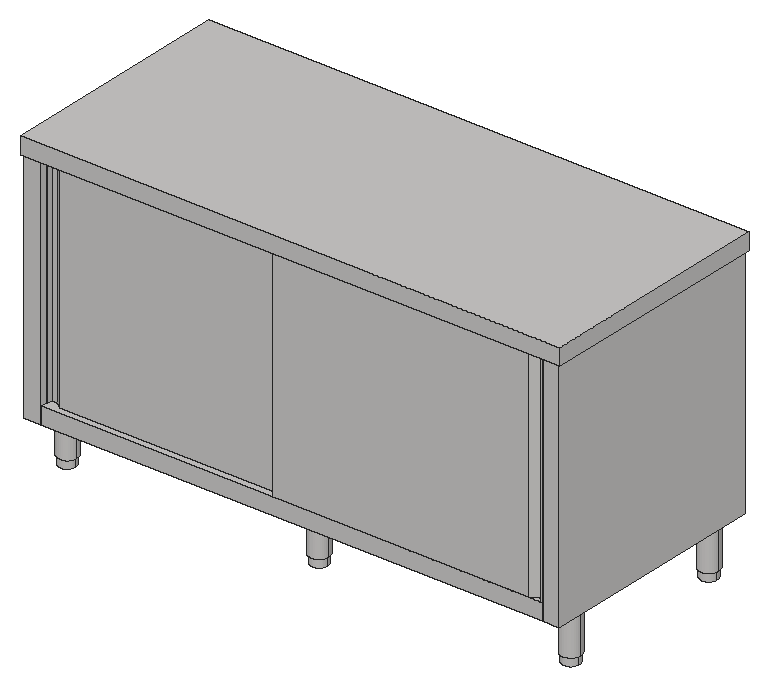
Revit family "QF_ZANUSSI_132773_MTN1600PN", category Attrezzature speciali, Revit 2020
Family settings
  Quota connettore circolare = Usa diametro
  Tipo di parte = Normale
  Basato su piano di lavoro = No
  Sempre verticale = Sì
  Taglio con vuoti quando caricato = No
  Condiviso = No
  Punto di calcolo locali = No
Parameters (values of type "Standard")
  Weight = 65.00 kg
  Watts = 0 W
  Volts = 0 V
  URL Manufacturer = "http://www.zanussiprofessional.com"
  URL = "http://www.zanussiprofessional.com"
  Steam Supply Size = 0 mm
  Steam Supply Minimum Pressure = 0.0 Pa
  Steam Supply Maximum Pressure = 0.0 Pa
  Steam Consumption per Hour = 0
  Refrigeration Suction Line Size = 0.0 mm
  Refrigeration Liquid Line Size = 0.0 mm
  Refrigerant Compressor Remote = yes
  Prospetto di default = 0.0 mm
  Produttore = "Zanussi"
  Phase = 0
  Modello = "MTN1600PN"
  Length Actual = 1600.0 mm  # constant formula
  Item Number = "132773"
  Hot Water Size = 0 mm
  Height Actual = 900.0 mm  # constant formula
  HP = "0 HP"
  Gas Size = 0 mm
  Gas KW = 0
  Gas Input Pressure = 0 W
  Direct Waste Size = 0 mm
  Descrizione = "WORKTOP CUPB.+SHELF+SLIDING DOORS 1600MM"
  Depth Actual = 700.0 mm  # constant formula
  Cycle = 0 Hz
  Condensate Return Size = 0 mm
  Compressed Air Volume = 0.0 L/s
  Compressed Air Size = 0 mm
  Compressed Air Pressure = 0.0 Pa
  Cold Water Size = 0 mm
  Accessory = yes
Reference planes
  plane 1 "Center (Front/Back)": y = 0
  plane 2: z = 0
  plane 3 "Center (Left/Right)": x = -300
  plane 4 "LEFT": x = -1100
  plane 5 "RIGHT": x = 500
  plane 6 "BACK": y = 350
  plane 7 "FRONT": y = -350
  plane 8 "Base": z = 850
  plane 9 "TOP": z = 900
  plane 10: x = -1046.9
  plane 11: x = 446.9
  plane 12: y = 270
  plane 13: y = -241.9
  plane 14 "BodyLeft": x = -1094.5
  plane 15 "BodyFront": y = -344.5
  plane 16 "BodyRight": x = 494.5
  plane 17 "BodyBack": y = 344.5
  plane 18 "FEET": z = 150
  plane 19: x = -244.5
  plane 20: x = -355.5
Forms (mm)
  Extrusion 1, solid, material "QF_Finishes_Stainless Steel"
    sketch origin (-300, 0, 0) x (0, 1, 0) y (0, 0, 1)
      loop
        line (-350, 850) -> (350, 850) -> (350, 900) -> (-350, 900) -> (-350, 850)
    from 800 to -800
  Extrusion 2, solid, material "QF_Finishes_Stainless Steel"
    sketch origin (0, 0, 150) x (-1, 0, 0) y (0, -1, 0)
      loop
        line (1094.5, -344.5) -> (1094.5, 344.5) -> (1044.5, 344.5) -> (1044.5, -344.5) -> (1094.5, -344.5)
      loop
        line (-444.5, -344.5) -> (-444.5, 344.5) -> (-494.5, 344.5) -> (-494.5, -344.5) -> (-444.5, -344.5)
    from 0 to 700
  Extrusion 3, solid, material "QF_Finishes_Stainless Steel"
    sketch origin (0, 0, 150) x (-1, 0, 0) y (0, -1, 0)
      loop
        line (1043.585, -344.5) -> (1043.585, 344.5) -> (-444.5, 344.5) -> (-444.5, -344.5) -> (1043.585, -344.5)
    from 0 to 50
  Extrusion 4, solid, material "QF_Finishes_Stainless Steel"
    sketch origin (0, 0, 150) x (-1, 0, 0) y (0, -1, 0)
      loop
        line (1043.585, -344.5) -> (1043.585, -294.5) -> (-444.5, -294.5) -> (-444.5, -344.5) -> (1043.585, -344.5)
    from 50 to 700
  Extrusion 5, solid, material "QF_Finishes_Stainless Steel"
    sketch origin (0, 0, 150) x (-1, 0, 0) y (0, -1, 0)
      loop
        line (-444.5, 344.5) -> (-444.5, 324.5) -> (355.5, 324.5) -> (355.5, 344.5) -> (-404.5, 344.5) -> (-424.5, 329.5) -> (-439.5, 329.5) -> (-439.5, 344.5) -> (-444.5, 344.5)
    from 50 to 700
  Extrusion 6, solid, material "QF_Finishes_Stainless Steel"
    sketch origin (0, 20, 150) x (1, 0, 0) y (0, 1, 0)
      loop
        line (-1044.5, -344.5) -> (-1039.5, -344.5) -> (-1039.5, -329.5) -> (-1024.5, -329.5) -> (-1004.5, -344.5) -> (-244.5, -344.5) -> (-244.5, -324.5) -> (-1044.5, -324.5) -> (-1044.5, -344.5)
    from 50 to 700
Lines and regions (mm)
  symbolic lines
    curve 1: line (500, 350, 900) -> (-1100, 350, 900)
    curve 2: line (-1100, 350, 900) -> (-1100, -350, 900)
    curve 3: line (-1100, -350, 900) -> (500, -350, 900)
    curve 4: line (500, -350, 900) -> (500, 350, 900)
  symbolic lines, style "SpecialityEquipmentHiddenLines"
    curve 5: line (-1094.5, 344.5, 150) -> (494.5, 344.5, 150)
    curve 6: line (-1094.5, -344.5, 150) -> (-1094.5, 344.5, 150)
    curve 7: line (494.5, -344.5, 150) -> (-1094.5, -344.5, 150)
    curve 8: line (494.5, 344.5, 150) -> (494.5, -344.5, 150)
    curve 9: line (-1044.5, -304.5, 150) -> (-244.5, -304.5, 150)
    curve 10: line (-244.5, -304.5, 150) -> (-244.5, -324.5, 150)
    curve 11: line (-1044.5, -324.5, 150) -> (444.5, -324.5, 150)
    curve 12: line (444.5, -324.5, 150) -> (444.5, -344.5, 150)
    curve 13: line (-355.5, -324.5, 150) -> (-355.5, -344.5, 150)
    curve 14: line (-1044.5, -304.5, 150) -> (-1044.5, -324.5, 150)
Dimensions and locks
  plane 4 "LEFT" to plane 5 "RIGHT" = 1600.0 mm
  equal spacing: plane 4 "LEFT", plane 3 "Center (Left/Right)", plane 5 "RIGHT"
  locked: plane 8 "Base" to level at 850
  plane 9 "TOP" to level = 900.0 mm
  plane 6 "BACK" to plane 7 "FRONT" = 700.0 mm
  equal spacing: plane 6 "BACK", plane 1 "Center (Front/Back)", plane 7 "FRONT"
  locked: plane 4 "LEFT" to plane 14 "BodyLeft" at 5.5
  locked: plane 16 "BodyRight" to plane 5 "RIGHT" at 5.5
  locked: plane 15 "BodyFront" to plane 7 "FRONT" at 5.5
  locked: plane 6 "BACK" to plane 17 "BodyBack" at 5.5
  locked: plane 14 "BodyLeft" to plane 10 at 47.6
  locked: plane 11 to plane 16 "BodyRight" at 47.6
  locked: plane 13 to plane 15 "BodyFront" at 102.6
  locked: plane 17 "BodyBack" to plane 12 at 74.5
  plane 10 to plane 11 = 1493.8 mm
  plane 12 to plane 13 = 511.9 mm
  locked: plane 14 "BodyLeft" to Extrusion 2 sketch curve at 50
  locked: Extrusion 2 sketch curve to Extrusion 2 sketch curve at 50
  Extrusion 3 to Extrusion 4 sketch curve = 50.0 mm
  Extrusion 2 to plane 19 = 800.0 mm
  plane 20 to Extrusion 2 = 800.0 mm
  locked: plane 18 "FEET" to level at 150
  aligned and locked: level to plane 2
  aligned and locked: plane 10 to nested 1
  aligned and locked: nested 1 to plane 13
  aligned and locked: plane 11 to nested 2
  aligned and locked: nested 2 to plane 13
  aligned and locked: plane 11 to nested 4
  aligned and locked: nested 4 to plane 12
  aligned and locked: plane 10 to nested 3
  aligned and locked: nested 3 to plane 12
  aligned and locked: Extrusion 1 to plane 4 "LEFT"
  aligned and locked: plane 5 "RIGHT" to Extrusion 1
  aligned and locked: curve 2 to plane 4 "LEFT"
  aligned and locked: plane 17 "BodyBack" to Extrusion 2 sketch curve
  aligned and locked: Extrusion 2 sketch curve to plane 15 "BodyFront"
  aligned and locked: Extrusion 2 sketch curve to plane 14 "BodyLeft"
  aligned and locked: plane 16 "BodyRight" to Extrusion 2 sketch curve
  aligned and locked: Extrusion 2 sketch curve to plane 17 "BodyBack"
  aligned and locked: plane 15 "BodyFront" to Extrusion 2 sketch curve
  aligned and locked: Extrusion 3 sketch curve to plane 17 "BodyBack"
  aligned and locked: plane 15 "BodyFront" to Extrusion 3 sketch curve
  aligned and locked: plane 8 "Base" to Extrusion 2
  aligned and locked: Extrusion 4 sketch curve to Extrusion 3
  aligned and locked: plane 8 "Base" to Extrusion 5
  aligned and locked: Extrusion 5 to Extrusion 3
  aligned and locked: Extrusion 6 sketch curve to plane 19
  aligned and locked: Extrusion 5 sketch curve to plane 20
  aligned and locked: Extrusion 1 to plane 8 "Base"
  aligned and locked: plane 9 "TOP" to Extrusion 1
  aligned and locked: curve 5 to plane 17 "BodyBack"
  aligned and locked: plane 14 "BodyLeft" to curve 6
  aligned and locked: plane 15 "BodyFront" to curve 7
  aligned and locked: plane 16 "BodyRight" to curve 8
  aligned and locked: plane 3 "Center (Left/Right)" to nested 5
  aligned and locked: plane 3 "Center (Left/Right)" to nested 6
Automatic sketch dimensions
  curve 3 to plane 7 "FRONT" = 0.0 mm
  curve 4 to plane 6 "BACK" = 0.0 mm
  Extrusion 1 sketch curve to plane 7 "FRONT" = 0.0 mm
  plane 9 "TOP" to Extrusion 1 sketch curve = 0.0 mm
  Extrusion 1 sketch curve to plane 6 "BACK" = 0.0 mm
  Extrusion 1 sketch curve to plane 8 "Base" = 0.0 mm
  Extrusion 5 sketch curve to plane 15 "BodyFront" = 0.0 mm  (x2)
  Extrusion 5 sketch curve to plane 11 = 2.4 mm
  Extrusion 5 sketch curve to Extrusion 5 sketch curve = 5.0 mm
  Extrusion 5 sketch curve to Extrusion 5 sketch curve = 15.0 mm
  Extrusion 5 sketch curve to Extrusion 5 sketch curve = 20.0 mm
  plane 15 "BodyFront" to Extrusion 5 sketch curve = 15.0 mm
  plane 15 "BodyFront" to Extrusion 5 sketch curve = 20.0 mm
  Extrusion 6 sketch curve to plane 15 "BodyFront" = 20.0 mm  (x2)
  Extrusion 6 sketch curve to plane 10 = 2.4 mm
  Extrusion 6 sketch curve to Extrusion 6 sketch curve = 5.0 mm
  Extrusion 6 sketch curve to Extrusion 6 sketch curve = 15.0 mm
  Extrusion 6 sketch curve to Extrusion 6 sketch curve = 20.0 mm  (x2)
  Extrusion 6 sketch curve to plane 15 "BodyFront" = 35.0 mm
  Extrusion 3 sketch curve to plane 11 = 2.4 mm
  plane 10 to Extrusion 3 sketch curve = 3.315 mm
  Extrusion 4 sketch curve to plane 11 = 2.4 mm
  plane 10 to Extrusion 4 sketch curve = 3.315 mm
  curve 10 to plane 19 = 0.0 mm
  curve 13 to plane 20 = 0.0 mm
  curve 11 to plane 11 = 2.4 mm
  plane 15 "BodyFront" to curve 9 = 40.0 mm
  curve 12 to curve 12 = 20.0 mm
  plane 10 to curve 14 = 2.4 mm
  curve 4 to plane 5 "RIGHT" = 0.0 mm
Nested families
  nested 1: "FEET_D58-150" at (-1046.9, -241.9, 0), type "FEET_D58-150"
  nested 2: "FEET_D58-150" at (446.9, -241.9, 0), type "FEET_D58-150"
  nested 3: "FEET_D58-150" at (-1046.9, 270, 0), type "FEET_D58-150"
  nested 4: "FEET_D58-150" at (446.9, 270, 0), type "FEET_D58-150"
  nested 5: "FEET_D58-150" at (-300, -241.9, 0), type "FEET_D58-150"
  nested 6: "FEET_D58-150" at (-300, 270, 0), type "FEET_D58-150"
Definition of nested family "FEET_D58-150"
  Parameters
    Default Elevation = 0.0 mm
    FEET = 150.0 mm
  Reference planes
    plane 1 "Center (Front/Back)": y = 0
    plane 2: z = 0
    plane 3 "Center (Left/Right)": x = 0
    plane 4: z = 150
  Forms (mm)
    Extrusion 1, solid
      sketch origin (0, 0, 0) x (1, 0, 0) y (0, 1, 0)
        loop
          circle (0, 0) r 25
      from 0 to 25
    Extrusion 2, solid
      sketch origin (0, 0, 0) x (1, 0, 0) y (0, 1, 0)
        loop
          circle (0.061, 0) r 29
      from 25 to 150 <- "FEET"
  Lines and regions (mm)
    symbolic lines
      curve 1: line (0, -1.503, 0) -> (0, 1.508, 0)
      curve 2: line (1.561, 0, 0) -> (-1.439, 0, 0)
  Dimensions and locks
    "FEET": plane 4 to plane 2
    aligned and locked: level to plane 2
  Automatic sketch dimensions
    plane 1 "Center (Front/Back)" to Extrusion 1 sketch curve = 0.0 mm
    Extrusion 1 sketch curve to plane 3 "Center (Left/Right)" = 0.0 mm
    plane 1 "Center (Front/Back)" to curve 2 = 0.0 mm
    curve 1 to plane 3 "Center (Left/Right)" = 0.0 mm
    curve 2 to plane 3 "Center (Left/Right)" = 1.439 mm
    plane 3 "Center (Left/Right)" to curve 2 = 1.561 mm
    plane 1 "Center (Front/Back)" to curve 1 = 1.503 mm
    curve 1 to plane 1 "Center (Front/Back)" = 1.508 mm
    plane 1 "Center (Front/Back)" to Extrusion 2 sketch curve = 0.0 mm
    plane 3 "Center (Left/Right)" to Extrusion 2 sketch curve = 0.061 mm
    radius of Extrusion 1 sketch curve = 25.0 mm
    radius of Extrusion 2 sketch curve = 29.0 mm
